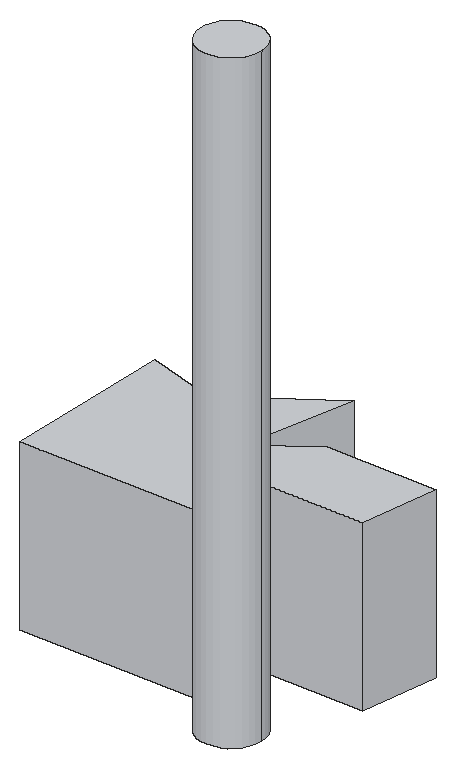
Revit family "TestFamily", category Generic Models, Revit 2020
Family settings
  Can host rebar = No
  Round Connector Dimension = Use Diameter
  Part Type = Normal
  Work Plane-Based = No
  Always vertical = Yes
  Cut with Voids When Loaded = No
  Shared = No
  Room Calculation Point = No
Parameters
  prod-2-area = 12
  prod-2-A1-A3-Carbon = 264
  prod-1-area = 25
  prod-1-C2-Carbon = 0
  prod-1-A1-A3-Carbon = 325
  EPD prod-2 = "RTS_46_20 Red Clay Bricks"
  EPD prod-1 = "WICTEC EL60"
  Default Elevation = 0 mm
Reference planes
  plane 1 "Center (Front/Back)": y = 0
  plane 2: z = 0
  plane 3 "Center (Left/Right)": x = 0
Forms (mm)
  Extrusion 1, solid
    sketch origin (0, 0, 0) x (1, 0, 0) y (0, 1, 0)
      loop
        line (-1074.936, 766.725) -> (-1074.936, -893.275) -> (825.064, -893.275) -> (825.064, -233.275) -> (1785.064, -233.275) -> (1903.955, 517.369) -> (825.064, 517.369) -> (300.807, 150.28) -> (529.51, 1226.242) -> (-404.323, 572.365) -> (-1074.936, 766.725)
    from 0 to 1667.071
  Extrusion 2, solid
    sketch origin (0, 0, 0) x (1, 0, 0) y (0, 1, 0)
      loop
        circle (1177.344, -1099.473) r 300
    from 0 to 6116.382
Dimensions and locks
  aligned and locked: level to plane 2
